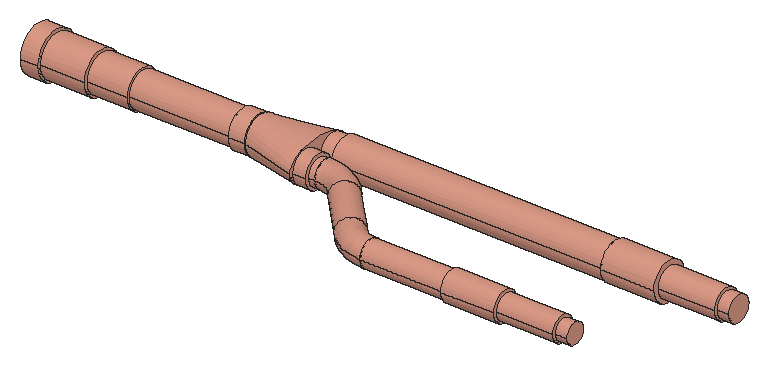
Revit family "outputfile", category 配管付属品, Revit 2024
Family settings
  丸型コネクタ寸法 = 半径を使用
  パーツ タイプ = 標準
  OmniClass 番号 = 23.65.55.00
  OmniClass タイトル = Distribution of Supplied Liquids/Gases
  作業面ベース = いいえ
  常に垂直 = はい
  ロード時にボイドで切り取り = いいえ
  共有 = いいえ
Parameters (values of type "BHRP26A72T")
  Description = ""
  製造元 = "Daikin"
  書き出し IFC クラス(タイプ) = "IfcPipeFittingType"
  Default Elevation = 0.0 mm
  定義済み IFC タイプ(タイプ) = "JUNCTION"
  Cost = 0
  モデル = "BHRP26A72T"
  Type Comments = ""
  Keynote = ""
  Type Image = (empty or 0)
  Assembly Code = ""
  table_StraightPipe [instance] = if(mm⇔inch, "Refnet Joint_BHRP26A-T_Gas_StraightPipe", "Refnet Joint_BHRP26A-T_Gas_StraightPipe_inch")  # "Refnet Joint_BHRP26A-T_Gas_StraightPipe"
  table_BranchPipe [instance] = if(mm⇔inch, "Refnet Joint_BHRP26A-T_Gas_BranchPipe", "Refnet Joint_BHRP26A-T_Gas_BranchPipe_inch")  # "Refnet Joint_BHRP26A-T_Gas_BranchPipe"
  table_Inlet [instance] = if(mm⇔inch, "Refnet Joint_BHRP26A-T_Gas_Inlet", "Refnet Joint_BHRP26A-T_Gas_Inlet_inch")  # "Refnet Joint_BHRP26A-T_Gas_Inlet"
  switch_StraightPipe_Reducer [instance] = if(Is_StraightPipe Reducer = 1, 1 = 1, 1 = 0)  # no
  switch_StraightPipe3 [instance] = if(number_StraightPipe = 3, 1 = 1, 1 = 0)  # yes
  switch_StraightPipe2 [instance] = if(number_StraightPipe < 2, 1 = 0, 1 = 1)  # yes
  switch_BranchPipe_Reducer [instance] = if(Is_BranchPipe Reducer = 1, 1 = 1, 1 = 0)  # no
  switch_BranchPipe3 [instance] = if(number_BranchPipe = 3, 1 = 1, 1 = 0)  # yes
  switch_BranchPipe2 [instance] = if(number_BranchPipe < 2, 1 = 0, 1 = 1)  # yes
  switch_Inlet pipe_Reducer [instance] = if(Is_Inlet Reducer = 1, 1 = 1, 1 = 0)  # no
  switch_Inlet pipe3 [instance] = if(number_InletPipe = 3, 1 = 1, 1 = 0)  # yes
  switch_Inlet pipe2 [instance] = if(number_InletPipe < 2, 1 = 0, 1 = 1)  # yes
  mm⇔inch [instance] = yes
  Uniclass2015Version = "Products v1.31"
  Uniclass2015Title = "Copper pipe fittings"
  Uniclass2015Code = "Pr_65_52_63_18"
  URL = ""
  StraightPipe_Gas_ActualDiameter [instance] = 15.9 mm
  Material_Piping = DAIKIN_Copper_Pipe
  Material_Insulation = DAIKIN_White_Insulation
  lw_Insulation [instance] = size_lookup(table_Inlet, "lw_Insulation", 60.0 mm, モデル)  # 55.5 mm
  Unit Type = "BHRP26A-T_Gas"
  Tag No. [instance] = ""
  StraightPipe_Gas_Status [instance] = size_lookup(table_StraightPipe, "Information", "The connected pipe size is not available.", モデル, StraightPipe_Gas_ActualDiameter)  # "Default connector size is used."
  Link_Nested Family [instance] = ""
  Inlet_Gas_Actual Diameter [instance] = 31.8 mm
  IfcVersion = ""
  IfcExportType = "JUNCTION"
  IfcExportAs = "IfcPipeFittingType"
  BranchPipe_Gas_Status [instance] = size_lookup(table_BranchPipe, "Information", "The connected pipe size is not available.", モデル, BranchPipe_Gas_ActualDiameter)  # "Default connector size is used."
  Inlet_Gas_Status [instance] = size_lookup(table_Inlet, "Information", "The connected pipe size is not available.", モデル, Inlet_Gas_Actual Diameter)  # "Default connector size is used."
  Series = "Refnet Joint"
  O.R_dividePipe_Inlet [instance] = (I.D_InletPipe1 + 2.0 mm) / 2  # 13.7 mm
  r_StraightPipe_Connector [instance] = StraightPipe_Gas_ActualDiameter / 2  # 7.95 mm
  r_BranchPipe_Connector [instance] = BranchPipe_Gas_ActualDiameter / 2  # 6.35 mm
  r_Inlet_Connector [instance] = Inlet_Gas_Actual Diameter / 2  # 15.9 mm
  number_StraightPipe [instance] = size_lookup(table_StraightPipe, "pipeNumber", 2, モデル, StraightPipe_Gas_ActualDiameter)  # 3
  number_BranchPipe [instance] = size_lookup(table_BranchPipe, "pipeNumber", 2, モデル, BranchPipe_Gas_ActualDiameter)  # 3
  number_InletPipe [instance] = size_lookup(table_Inlet, "pipeNumber", 3, モデル, Inlet_Gas_Actual Diameter)  # 3
  r_BranchPipeR [instance] = size_lookup(table_BranchPipe, "r_offsetPipeR", 25.0 mm, モデル, BranchPipe_Gas_ActualDiameter)  # 30.0 mm
  l_BranchPipe_Straight2 [instance] = size_lookup(table_BranchPipe, "L_offsetPipe2", 43.0 mm, モデル)  # 60.0 mm
  l_BranchPipe_Straight1 [instance] = size_lookup(table_BranchPipe, "L_offsetPipe1", 5.0 mm, モデル)  # 5.0 mm
  l_BranchPipe connector [instance] = size_lookup(table_BranchPipe, "Length", 170.0 mm, モデル, BranchPipe_Gas_ActualDiameter)  # 243.0 mm
  l_inlet connector [instance] = size_lookup(table_Inlet, "Length", 130.0 mm, モデル, Inlet_Gas_Actual Diameter)  # 162.0 mm
  l_dividePipe [instance] = size_lookup(table_Inlet, "L_devidePipe", 38.0 mm, モデル)  # 43.0 mm
  l_StraightPipeReducer [instance] = size_lookup(table_StraightPipe, "L_Reducer", 2.0 mm, モデル, StraightPipe_Gas_ActualDiameter)  # 100.0 mm
  l_StraightPipe3 [instance] = size_lookup(table_StraightPipe, "L_Pipe3", 2.0 mm, モデル)  # 9.0 mm
  l_StraightPipe2 [instance] = size_lookup(table_StraightPipe, "L_Pipe2", 9.0 mm, モデル)  # 42.0 mm
  l_StraightPipe1 [instance] = size_lookup(table_StraightPipe, "L_Pipe1", 41.0 mm, モデル)  # 39.0 mm
  l_StraightPipe0 [instance] = size_lookup(table_StraightPipe, "L_Pipe0", 152.0 mm, モデル)  # 198.0 mm
  l_StraightPipe connector [instance] = size_lookup(table_StraightPipe, "Length", 212.0 mm, モデル, StraightPipe_Gas_ActualDiameter)  # 298.0 mm
  l_BranchPipe Reducer [instance] = size_lookup(table_BranchPipe, "L_Reducer", 2.0 mm, モデル, BranchPipe_Gas_ActualDiameter)  # 100.0 mm
  l_BranchPipe3 [instance] = size_lookup(table_BranchPipe, "L_Pipe3", 2.0 mm, モデル)  # 9.0 mm
  l_BranchPipe2 [instance] = size_lookup(table_BranchPipe, "L_Pipe2", 9.0 mm, モデル)  # 42.0 mm
  l_BranchPipe1 [instance] = size_lookup(table_BranchPipe, "L_Pipe1", 41.0 mm, モデル)  # 39.0 mm
  l_BranchPipe0 [instance] = size_lookup(table_BranchPipe, "L_Pipe0", 110.0 mm, モデル)  # 143.0 mm
  l_InletReducer [instance] = size_lookup(table_Inlet, "L_Reducer", 2.0 mm, モデル, Inlet_Gas_Actual Diameter)  # 100.0 mm
  l_InletPipe3 [instance] = size_lookup(table_Inlet, "L_Pipe3", 8.0 mm, モデル)  # 13.0 mm
  l_InletPipe2 [instance] = size_lookup(table_Inlet, "L_Pipe2", 42.0 mm, モデル)  # 33.0 mm
  l_InletPipe1 [instance] = size_lookup(table_Inlet, "L_Pipe1", 40.0 mm, モデル)  # 30.0 mm
  l_InletPipe0 [instance] = size_lookup(table_Inlet, "L_Pipe0", 28.0 mm, モデル)  # 74.0 mm
  center_StraightPipe [instance] = size_lookup(table_StraightPipe, "center_Pipe", 11.5 mm, モデル)  # 12.5 mm
  center_BranchPipe2 [instance] = size_lookup(table_BranchPipe, "center_OffsetPipe", 67.5 mm, モデル)  # 68.5 mm
  center_BranchPipe1 [instance] = size_lookup(table_BranchPipe, "center_Pipe", 11.5 mm, モデル)  # 12.5 mm
  StraightPipe_Gas_AvailableDiameter [instance] = size_lookup(table_StraightPipe, "sizeVariation", "", モデル)  # "15.9/19.1/22.2/25.4/28.6mm"
  BranchPipe_Gas_AvailableDiameter [instance] = size_lookup(table_BranchPipe, "sizeVariation", "", モデル)  # "12.7/15.9/19.1/22.2/28.6mm"
  Inlet_Gas_Available Diameter [instance] = size_lookup(table_Inlet, "sizeVariation", "", モデル)  # "25.4/28.6/31.8mm"
  O.D_StraightPipe Reducer [instance] = size_lookup(table_StraightPipe, "O.D_reducer", 2.0 mm, モデル, StraightPipe_Gas_ActualDiameter)  # 2.0 mm
  O.D_Offset Outlet Reducer [instance] = size_lookup(table_BranchPipe, "O.D_reducer", 2.0 mm, モデル, BranchPipe_Gas_ActualDiameter)  # 2.0 mm
  O.D_Inlet Reducer [instance] = size_lookup(table_Inlet, "O.D_reducer", 2.0 mm, モデル, Inlet_Gas_Actual Diameter)  # 2.0 mm
  Is_StraightPipe Reducer [instance] = size_lookup(table_StraightPipe, "IsReducer", 0, モデル, StraightPipe_Gas_ActualDiameter)  # 0
  Is_BranchPipe Reducer [instance] = size_lookup(table_BranchPipe, "IsReducer", 0, モデル, BranchPipe_Gas_ActualDiameter)  # 0
  Is_Inlet Reducer [instance] = size_lookup(table_Inlet, "IsReducer", 0, モデル, Inlet_Gas_Actual Diameter)  # 0
  BranchPipe_Gas_ActualDiameter [instance] = 12.7 mm
  Attach_Insulation [instance] = no
  I.D_StraightPipe3 [instance] = size_lookup(table_StraightPipe, "I.D_PipeSize3", 12.7 mm, モデル)  # 15.9 mm
  I.D_StraightPipe2 [instance] = size_lookup(table_StraightPipe, "I.D_PipeSize2", 12.7 mm, モデル)  # 19.1 mm
  I.D_StraightPipe1 [instance] = size_lookup(table_StraightPipe, "I.D_PipeSize1", 15.9 mm, モデル)  # 25.4 mm
  I.D_StraightPipe0 [instance] = size_lookup(table_StraightPipe, "I.D_PipeSize0", 13.9 mm, モデル)  # 23.4 mm
  I.D_BranchPipe3 [instance] = size_lookup(table_BranchPipe, "I.D_PipeSize3", 12.7 mm, モデル)  # 12.7 mm
  I.D_BranchPipe2 [instance] = size_lookup(table_BranchPipe, "I.D_PipeSize2", 12.7 mm, モデル)  # 15.9 mm
  I.D_BranchPipe1 [instance] = size_lookup(table_BranchPipe, "I.D_PipeSize1", 15.9 mm, モデル)  # 19.1 mm
  I.D_BranchPipe0 [instance] = size_lookup(table_BranchPipe, "I.D_PipeSize0", 13.9 mm, モデル)  # 17.1 mm
  I.D_Straight Reducer [instance] = size_lookup(table_StraightPipe, "I.D_reducer", 2.0 mm, モデル, StraightPipe_Gas_ActualDiameter)  # 2.0 mm
  I.D_OutletPipe [instance] = size_lookup(table_Inlet, "I.D_OutletPipeSize", 16.0 mm, モデル, Inlet_Gas_Actual Diameter)  # 21.2 mm
  I.D_Branch Reducer [instance] = size_lookup(table_BranchPipe, "I.D_reducer", 2.0 mm, モデル, BranchPipe_Gas_ActualDiameter)  # 2.0 mm
  I.D_Inlet Reducer [instance] = size_lookup(table_Inlet, "I.D_reducer", 2.0 mm, モデル, Inlet_Gas_Actual Diameter)  # 2.0 mm
  I.D_InletPipe3 [instance] = size_lookup(table_Inlet, "I.D_PipeSize3", 12.7 mm, モデル)  # 31.8 mm
  I.D_InletPipe2 [instance] = size_lookup(table_Inlet, "I.D_PipeSize2", 15.9 mm, モデル)  # 28.6 mm
  I.D_InletPipe1 [instance] = size_lookup(table_Inlet, "I.D_PipeSize1", 19.1 mm, モデル)  # 25.4 mm
  I.D_InletPipe0 [instance] = size_lookup(table_Inlet, "I.D_PipeSize0", 17.1 mm, モデル)  # 23.4 mm
Reference planes
  plane 1 "Center (Front/Back)": y = 0
  plane 2: z = 0
  plane 3 "base_left": x = 0
  plane 4: x = 13
  plane 5: x = 46
  plane 6: x = 76
  plane 7: x = 150
  plane 8: x = 162
  plane 9: x = 205
  plane 10: x = 215
  plane 11 "center_straight outlet": y = 12.5
  plane 12 "center2_offset outlet": y = -68.5
  plane 13 "center1_offset outlet": y = -12.5
  plane 14: x = 413
  plane 15: x = 452
  plane 16: x = 494
  plane 17: x = 358
  plane 18: x = 397
  plane 19: x = 439
  plane 20: x = 503
  plane 21: x = 448
  plane 22 "Reducer_straightoutlet": x = 448
  plane 23: x = 503
  plane 24: y = -26.2
  plane 25: z = 13.7
  plane 26 "Inlet_connector": x = 0
  plane 27 "Left_Insulation": x = 106.5
Forms (mm)
  SweptBlend 1, solid, material "DAIKIN_Copper_Pipe" <- "Material_Piping"
    path origin (0, 0, 0) x (1, 0, 0) y (0, 1, 0)
      loop
        line (162, 0) -> (205, 0)
    profile origin (162, 0, 0) x (0, 1, 0) y (0, 0, 1)
      loop
        circle (0, 0) r 13.7
    end profile origin (205, 0, 0) x (0, 1, 0) y (0, 0, 1)
      loop
        spline (-26.2, 0) -> (-25.307, -3.546) -> (-22.69, -6.85) -> (-18.526, -9.687) -> (-13.1, -11.865) -> (-6.781, -13.233) -> (0, -13.7) -> (6.781, -13.233) -> (13.1, -11.865) -> (18.526, -9.687) -> (22.69, -6.85) -> (25.307, -3.546) -> (26.2, 0)
        spline (26.2, 0) -> (25.307, 3.546) -> (22.69, 6.85) -> (18.526, 9.687) -> (13.1, 11.865) -> (6.781, 13.233) -> (0, 13.7) -> (-6.781, 13.233) -> (-13.1, 11.865) -> (-18.526, 9.687) -> (-22.69, 6.85) -> (-25.307, 3.546) -> (-26.2, 0)
Dimensions and locks
  "l_InletPipe3": plane 3 "base_left" to plane 4
  "l_InletPipe2": plane 4 to plane 5
  "l_InletPipe1": plane 5 to plane 6
  "l_InletPipe0": plane 6 to plane 7
  locked: plane 7 to plane 8 at 12
  "center_StraightPipe": plane 1 "Center (Front/Back)" to plane 11 "center_straight outlet"
  "center_BranchPipe2": plane 12 "center2_offset outlet" to plane 1 "Center (Front/Back)"
  "center_BranchPipe1": plane 13 "center1_offset outlet" to plane 1 "Center (Front/Back)"
  "l_dividePipe": plane 8 to plane 9
  plane 9 to plane 10 = 10.0 mm
  "l_StraightPipe0": plane 10 to plane 14
  "l_BranchPipe0": plane 10 to plane 17
  "l_BranchPipe1": plane 17 to plane 18
  "l_BranchPipe2": plane 18 to plane 19
  "l_StraightPipe1": plane 14 to plane 15
  "l_StraightPipe2": plane 15 to plane 16
  "l_StraightPipe3": plane 16 to plane 20
  "l_BranchPipe3": plane 19 to plane 21
  "l_BranchPipe connector": plane 9 to plane 22 "Reducer_straightoutlet"
  "l_StraightPipe connector": plane 9 to plane 23
  "O.R_dividePipe_Inlet": plane 24 to plane 13 "center1_offset outlet"
  "O.R_dividePipe_Inlet": plane 25 to plane 2
  "l_inlet connector": plane 26 "Inlet_connector" to plane 8
  "lw_Insulation": plane 27 "Left_Insulation" to plane 8
  "O.R_dividePipe_Inlet": radius of SweptBlend 1 sketch curve
  aligned and locked: level to plane 2
  aligned and locked: plane 2 to nested 1
  aligned and locked: plane 3 "base_left" to nested 1
  aligned and locked: plane 1 "Center (Front/Back)" to nested 1
  aligned and locked: plane 4 to nested 2
  aligned and locked: plane 1 "Center (Front/Back)" to nested 2
  aligned and locked: plane 5 to nested 2
  aligned and locked: plane 5 to nested 3
  aligned and locked: plane 6 to nested 3
  aligned and locked: plane 6 to nested 4
  aligned and locked: nested 4 to plane 7
  aligned and locked: nested 5 to plane 7
  aligned and locked: nested 5 to plane 8
  aligned and locked: plane 8 to SweptBlend 1 sketch curve
  aligned and locked: plane 9 to SweptBlend 1 sketch curve
  aligned and locked: plane 2 to SweptBlend 1 sketch curve  (x2)
  aligned and locked: plane 1 "Center (Front/Back)" to SweptBlend 1 sketch curve  (x2)
  aligned and locked: nested 6 to plane 9
  aligned and locked: nested 7 to plane 9
  aligned and locked: nested 6 to plane 11 "center_straight outlet"
  aligned and locked: nested 7 to plane 13 "center1_offset outlet"
  aligned and locked: nested 7 to plane 10
  aligned and locked: nested 6 to plane 10
  aligned and locked: nested 8 to plane 10
  aligned and locked: plane 14 to nested 8
  aligned and locked: nested 8 to plane 11 "center_straight outlet"
  aligned and locked: plane 14 to nested 9
  aligned and locked: nested 9 to plane 11 "center_straight outlet"
  aligned and locked: plane 15 to nested 9
  aligned and locked: nested 10 to plane 11 "center_straight outlet"
  aligned and locked: plane 15 to nested 10
  aligned and locked: plane 16 to nested 10
  aligned and locked: nested 11 to plane 12 "center2_offset outlet"
  aligned and locked: plane 17 to nested 11
  aligned and locked: plane 18 to nested 11
  aligned and locked: nested 12 to plane 12 "center2_offset outlet"
  aligned and locked: plane 18 to nested 12
  aligned and locked: plane 19 to nested 12
  aligned and locked: nested 13 to plane 10
  aligned and locked: nested 13 to plane 13 "center1_offset outlet"
  aligned and locked: nested 13 to plane 12 "center2_offset outlet"
  aligned and locked: plane 8 to nested 14
  aligned and locked: plane 1 "Center (Front/Back)" to nested 14
  aligned and locked: plane 11 "center_straight outlet" to nested 15
  aligned and locked: nested 15 to plane 9
  aligned and locked: nested 16 to plane 9
  aligned and locked: plane 12 "center2_offset outlet" to nested 16
  aligned and locked: nested 17 to plane 1 "Center (Front/Back)"
  aligned and locked: plane 16 to nested 18
  aligned and locked: plane 20 to nested 18
  aligned and locked: plane 19 to nested 19
  aligned and locked: plane 21 to nested 19
  aligned and locked: nested 20 to plane 12 "center2_offset outlet"
  aligned and locked: plane 23 to nested 21
  aligned and locked: nested 21 to plane 11 "center_straight outlet"
  aligned and locked: plane 4 to nested 1
  aligned and locked: plane 24 to SweptBlend 1 sketch curve
  aligned and locked: plane 25 to SweptBlend 1 sketch curve
  aligned and locked: nested 19 to plane 12 "center2_offset outlet"
  aligned and locked: nested 18 to plane 11 "center_straight outlet"
  aligned and locked: nested 17 to plane 26 "Inlet_connector"
  aligned and locked: plane 22 "Reducer_straightoutlet" to nested 20
  aligned and locked: plane 27 "Left_Insulation" to nested 22
  aligned and locked: plane 1 "Center (Front/Back)" to nested 22
Automatic sketch dimensions
  plane 1 "Center (Front/Back)" to SweptBlend 1 sketch curve = 0.0 mm
Nested families
  nested 1: "daikin_Pipe" at (6.5, 0, 0), I.D_Pipe <- "I.D_InletPipe3", display <- "switch_Inlet pipe3", type "*"
    with length_Pipe 13.0 mm, display yes, O.D_Pipe 33.8 mm, I.D_Pipe 31.8 mm
  nested 2: "daikin_Pipe" at (29.5, 0, 0), I.D_Pipe <- "I.D_InletPipe2", display <- "switch_Inlet pipe2", type "*"
    with length_Pipe 33.0 mm, display yes, O.D_Pipe 30.6 mm, I.D_Pipe 28.6 mm
  nested 3: "daikin_Pipe" at (61, 0, 0), I.D_Pipe <- "I.D_InletPipe1", type "*"
    with length_Pipe 30.0 mm, display yes, O.D_Pipe 27.4 mm, I.D_Pipe 25.4 mm
  nested 4: "daikin_Pipe" at (113, 0, 0), I.D_Pipe <- "I.D_InletPipe0", type "*"
    with length_Pipe 74.0 mm, display yes, O.D_Pipe 25.4 mm, I.D_Pipe 23.4 mm
  nested 5: "daikin_Pipe" at (156, 0, 0), I.D_Pipe <- "I.D_InletPipe1", type "*"
    with length_Pipe 12.0 mm, display yes, O.D_Pipe 27.4 mm, I.D_Pipe 25.4 mm
  nested 6: "daikin_Pipe" at (210, 12.5, 0), I.D_Pipe <- "I.D_OutletPipe", type "*"
    with length_Pipe 10.0 mm, display yes, O.D_Pipe 23.2 mm, I.D_Pipe 21.2 mm
  nested 7: "daikin_Pipe" at (210, -12.5, 0), I.D_Pipe <- "I.D_OutletPipe", type "*"
    with length_Pipe 10.0 mm, display yes, O.D_Pipe 23.2 mm, I.D_Pipe 21.2 mm
  nested 8: "daikin_Pipe" at (314, 12.5, 0), I.D_Pipe <- "I.D_StraightPipe0", type "*"
    with length_Pipe 198.0 mm, display yes, O.D_Pipe 25.4 mm, I.D_Pipe 23.4 mm
  nested 9: "daikin_Pipe" at (432.5, 12.5, 0), I.D_Pipe <- "I.D_StraightPipe1", type "*"
    with length_Pipe 39.0 mm, display yes, O.D_Pipe 27.4 mm, I.D_Pipe 25.4 mm
  nested 10: "daikin_Pipe" at (473, 12.5, 0), I.D_Pipe <- "I.D_StraightPipe2", display <- "switch_StraightPipe2", type "*"
    with length_Pipe 42.0 mm, display yes, O.D_Pipe 21.1 mm, I.D_Pipe 19.1 mm
  nested 11: "daikin_Pipe" at (377.5, -68.5, 0), I.D_Pipe <- "I.D_BranchPipe1", type "*"
    with length_Pipe 39.0 mm, display yes, O.D_Pipe 21.1 mm, I.D_Pipe 19.1 mm
  nested 12: "daikin_Pipe" at (418, -68.5, 0), I.D_Pipe <- "I.D_BranchPipe2", display <- "switch_BranchPipe2", type "*"
    with length_Pipe 42.0 mm, display yes, O.D_Pipe 17.9 mm, I.D_Pipe 15.9 mm
  nested 13: "daikin_Pipe Ofsset" at (215, -12.5, 0), I.D_Pipe size <- "I.D_BranchPipe0", length_straight pipe1 <- "l_BranchPipe_Straight1", length_straight pipe2 <- "l_BranchPipe_Straight2", r_Pipe R <- "r_BranchPipeR", length_Pipe <- "l_BranchPipe0", type "*"
    with r_Pipe R 30.0 mm, length_straight pipe2 60.0 mm, length_straight pipe1 5.0 mm, length_offset center 56.0 mm, length_Pipe 143.0 mm, O.D_Pipe size 19.1 mm, I.D_Pipe size 17.1 mm
  nested 14: "daikin_connector_rotate2" at (162, 0, 0) x (0, -1, 0) z (0, 0, 1), length <- "l_inlet connector", type "daikin_connector_rotate2"
    with radius 5.0 mm, length 162.0 mm, angle_vertical 90.00°, locaton_mark no
  nested 15: "daikin_connector_rotate2" at (205, 12.5, 0) x (0, 1, 0) z (0, 0, 1), length <- "l_StraightPipe connector", type "daikin_connector_rotate2"
    with radius 5.0 mm, length 298.0 mm, angle_vertical 90.00°, locaton_mark no
  nested 16: "daikin_connector_rotate2" at (205, -68.5, 0) x (0, 1, 0) z (0, 0, 1), length <- "l_BranchPipe connector", type "daikin_connector_rotate2"
    with radius 5.0 mm, length 243.0 mm, angle_vertical 90.00°, locaton_mark no
  nested 17: "daikin_Pipe_reducer" at (50, 0, 0) x (-1, 0, 0) z (0, 0, 1), display <- "switch_Inlet pipe_Reducer", length_Pipe <- "l_InletReducer", I.D_Pipe1 <- "I.D_Inlet Reducer", O.D_Pipe2 <- "O.D_Inlet Reducer", type "*"
    with length_Pipe 100.0 mm, display no, O.D_Pipe2 2.0 mm, O.D_Pipe1 4.0 mm, I.D_Pipe2 0.0 mm, I.D_Pipe1 2.0 mm
  nested 18: "daikin_Pipe" at (498.5, 12.5, 0), I.D_Pipe <- "I.D_StraightPipe3", display <- "switch_StraightPipe3", type "*"
    with length_Pipe 9.0 mm, display yes, O.D_Pipe 17.9 mm, I.D_Pipe 15.9 mm
  nested 19: "daikin_Pipe" at (443.5, -68.5, 0), I.D_Pipe <- "I.D_BranchPipe3", display <- "switch_BranchPipe3", type "*"
    with length_Pipe 9.0 mm, display yes, O.D_Pipe 14.7 mm, I.D_Pipe 12.7 mm
  nested 20: "daikin_Pipe_reducer" at (398, -68.5, 0), I.D_Pipe1 <- "I.D_Branch Reducer", O.D_Pipe2 <- "O.D_Offset Outlet Reducer", length_Pipe <- "l_BranchPipe Reducer", display <- "switch_BranchPipe_Reducer", type "*"
    with length_Pipe 100.0 mm, display no, O.D_Pipe2 2.0 mm, O.D_Pipe1 4.0 mm, I.D_Pipe2 0.0 mm, I.D_Pipe1 2.0 mm
  nested 21: "daikin_Pipe_reducer" at (453, 12.5, 0), I.D_Pipe1 <- "I.D_Straight Reducer", O.D_Pipe2 <- "O.D_StraightPipe Reducer", length_Pipe <- "l_StraightPipeReducer", display <- "switch_StraightPipe_Reducer", type "*"
    with length_Pipe 100.0 mm, display no, O.D_Pipe2 2.0 mm, O.D_Pipe1 4.0 mm, I.D_Pipe2 0.0 mm, I.D_Pipe1 2.0 mm
  nested 22: "daikin_Insulation_RefnetJoint" at (106.5, 0, 0), I.D_Outlet PipeSize <- "I.D_OutletPipe", type "*"
    with h 53.2 mm, I.D_Outlet PipeSize 21.2 mm, w_Insulation4 60.3 mm, w_Insulation3 41.3 mm, w_Insulation2 72.0 mm, w_Insulation1 20.0 mm, d_Insulation3 138.0 mm, d_Insulation2 87.0 mm, d_Insulation1 60.0 mm
Connectors
  piping at (0, 0, 0), diameter 31.8, driven by "r_Inlet_Connector"
    settings: on nested 14, index 1, connector inside diameter 609.6 mm, connector length 0.0 mm, flow factor 0, pipe flow 0.00 m³/h, pressure drop 0.0 Pa, fitting loss kfactor 0, connector angle 0.00°, fixture units 0, engagement length 0.0 mm, angle of deflection 0.00°, flow configuration 0, flow direction 2, fitting loss method 0, system type 29, joint type 0, gender type 0, connector reference index -1, connector utility 0, adjustable connector no, is connector primary yes, connector description "Refnet Joint_Inlet_Gas"
  piping at (448, -68.5, 0), diameter 12.7, driven by "r_BranchPipe_Connector"
    settings: on nested 16, index 2, connector inside diameter 609.6 mm, connector length 0.0 mm, flow factor 0, pipe flow 0.00 m³/h, pressure drop 0.0 Pa, fitting loss kfactor 0, connector angle 0.00°, fixture units 0, engagement length 0.0 mm, angle of deflection 0.00°, flow configuration 0, flow direction 1, fitting loss method 0, system type 29, joint type 0, gender type 0, connector reference index -1, connector utility 0, adjustable connector no, is connector primary no, connector description "Refnet Joint_Outlet Branch_Gas"
  piping at (503, 12.5, 0), diameter 15.9, driven by "r_StraightPipe_Connector"
    settings: on nested 15, index 3, connector inside diameter 609.6 mm, connector length 0.0 mm, flow factor 0, pipe flow 0.00 m³/h, pressure drop 0.0 Pa, fitting loss kfactor 0, connector angle 0.00°, fixture units 0, engagement length 0.0 mm, angle of deflection 0.00°, flow configuration 0, flow direction 1, fitting loss method 0, system type 29, joint type 0, gender type 0, connector reference index -1, connector utility 0, adjustable connector no, is connector primary no, connector description "Refnet Joint_Outlet Straight_Gas"
Definition of nested family "daikin_Pipe"
  Parameters (values of type "*")
    Default Elevation = 0.0 mm
    material = none
    length_Pipe [instance] = 150.0 mm
    display [instance] = yes
    O.D_Pipe [instance] = I.D_Pipe + 2.0 mm  # 27.0 mm
    I.D_Pipe [instance] = 25.0 mm
  Reference planes
    plane 1 "Center (Front/Back)": y = 0
    plane 2 "center(vertical)": z = 0
    plane 3 "Center (Left/Right)": x = 0
    plane 4 "left": x = -75
    plane 5 "right": x = 75
  Forms (mm)
    Extrusion 1, solid, material <- "material", visible <- "display"
      sketch origin (0, 0, 0) x (0, 1, 0) y (0, 0, 1)
        loop
          circle (0, 0) r 13.5
      from -75 to 75
  Dimensions and locks
    equal spacing: plane 4 "left", plane 3 "Center (Left/Right)", plane 5 "right"
    "length_Pipe": plane 4 "left" to plane 5 "right"
    "O.D_Pipe": diameter of Extrusion 1 sketch curve
    aligned and locked: level to plane 2 "center(vertical)"
    aligned and locked: plane 2 "center(vertical)" to Extrusion 1 sketch curve
    aligned and locked: plane 1 "Center (Front/Back)" to Extrusion 1 sketch curve
    aligned and locked: plane 5 "right" to Extrusion 1
    aligned and locked: Extrusion 1 to plane 4 "left"
Definition of nested family "daikin_Pipe Ofsset"
  Parameters (values of type "*")
    Default Elevation = 0.0 mm
    r_Pipe R [instance] = 40.0 mm
    material = none
    length_straight pipe2 [instance] = 43.0 mm
    length_straight pipe1 [instance] = 5.0 mm
    length_offset center [instance] = 57.0 mm
    length_Pipe [instance] = 110.0 mm
    O.D_Pipe size [instance] = I.D_Pipe size + 2.0 mm  # 12.0 mm
    I.D_Pipe size [instance] = 10.0 mm
  Reference planes
    plane 1 "Center (Front/Back)": y = 0
    plane 2: z = 0
    plane 3 "Center (Left/Right)": x = 0
    plane 4: y = -57
    plane 5: x = 110
    plane 6: x = 67
    plane 7: x = 5
  Forms (mm)
    Sweep 1, solid, material <- "material"
      path origin (0, 0, 0) x (1, 0, 0) y (0, 1, 0)
        loop
          line (0, 0) -> (5, 0)
          arc (5, 0) -> (20.74, -3.227) -> (33.94, -12.387) r 40
          line (33.94, -12.387) -> (38.06, -44.613)
          arc (38.06, -44.613) -> (51.26, -53.773) -> (67, -57) r 40
          line (67, -57) -> (110, -57)
      profile origin (2.5, 0, 0) x (0, 1, 0) y (0, 0, 1)
        loop
          circle (0, 0) r 6
  Dimensions and locks
    "length_offset center": plane 4 to plane 1 "Center (Front/Back)"
    "length_straight pipe1": plane 3 "Center (Left/Right)" to plane 7
    "length_Pipe": plane 3 "Center (Left/Right)" to plane 5
    "length_straight pipe2": plane 6 to plane 5
    "O.D_Pipe size": diameter of Sweep 1 sketch curve
    "r_Pipe R": radius of Sweep 1 sketch curve  (x2)
    aligned and locked: level to plane 2
    aligned and locked: plane 1 "Center (Front/Back)" to Sweep 1 sketch curve
    aligned and locked: profile plane to Sweep 1 sketch curve
    aligned and locked: plane 5 to Sweep 1 sketch curve
    aligned and locked: plane 7 to Sweep 1 sketch curve
    aligned and locked: plane 6 to Sweep 1 sketch curve
  Automatic sketch dimensions
    plane 1 "Center (Front/Back)" to Sweep 1 sketch curve = 0.0 mm
    Sweep 1 sketch curve to plane 3 "Center (Left/Right)" = 0.0 mm
    plane 4 to Sweep 1 sketch curve = 0.0 mm
    plane 1 "Center (Front/Back)" to Sweep 1 sketch curve = 12.387 mm
    Sweep 1 sketch curve to plane 4 = 12.387 mm
Definition of nested family "daikin_connector_rotate2"
  Parameters (values of type "daikin_connector_rotate2")
    show_face = no
    radius [instance] = 10.0 mm
    locaton_mark = yes
    length [instance] = 600.0 mm
    d_surface = 10.0 mm
    angle_vertical [instance] = 90.00°
    Default Elevation = 0.0 mm
  Reference planes
    plane 1 "Center (Front/Back)": y = 0
    plane 2: z = 0
    plane 3 "Center (Left/Right)": x = 0
  Forms (mm)
    Extrusion 1, solid, visible <- "show_face"
      sketch origin (0, -600, 0) x (1, 0, 0) y (0, 0, 1)
        loop
          circle (0, 0) r 10
      from 0 to -10
  Lines and regions (mm)
    reference lines
      curve 1: line (0, 0, 0) -> (0, -600, 0)
    symbolic lines, visible <- "locaton_mark"
      curve 2: circle (0, 0, 0) r 5 normal (0, 0, 1)
    model lines, visible <- "show_face"
      curve 3: line (0, 0, 0) -> (0, -600, 0)
  Dimensions and locks
    "length": curve 1 to curve 1
    "length": curve 3 to curve 3
    "d_surface": Extrusion 1 to Extrusion 1
    "radius": radius of Extrusion 1 sketch curve
    "angle_vertical": angle curve 1 to plane 1 "Center (Front/Back)"
    "angle_vertical": angle curve 3 to plane 1 "Center (Front/Back)"
    aligned and locked: level to plane 2
    aligned and locked: plane 1 "Center (Front/Back)" to curve 1
    aligned and locked: plane 2 to curve 1
    aligned and locked: plane 1 "Center (Front/Back)" to curve 2
    aligned and locked: plane 3 "Center (Left/Right)" to curve 2
    aligned and locked: plane 1 "Center (Front/Back)" to curve 3
    aligned and locked: plane 2 to curve 3
    aligned and locked: Extrusion 1 to Extrusion 1
  Automatic sketch dimensions
    Extrusion 1 sketch curve to level = 0.0 mm
    Extrusion 1 sketch curve to plane 3 "Center (Left/Right)" = 0.0 mm
    radius of curve 2 = 5.0 mm
Definition of nested family "daikin_Pipe_reducer"
  Parameters (values of type "*")
    Default Elevation = 0.0 mm
    material = none
    length_Pipe [instance] = 250.0 mm
    display [instance] = yes
    O.D_Pipe2 [instance] = 19.1 mm
    O.D_Pipe1 [instance] = I.D_Pipe1 + 2.0 mm  # 24.2 mm
    I.D_Pipe2 [instance] = O.D_Pipe2 - 2.0 mm  # 17.1 mm
    I.D_Pipe1 [instance] = 22.2 mm
  Reference planes
    plane 1 "Center (Front/Back)": y = 0
    plane 2 "center(vertical)": z = 0
    plane 3 "Center (Left/Right)": x = 0
    plane 4 "connection": x = -125
    plane 5 "right": x = 113
    plane 6: x = 125
  Forms (mm)
    Extrusion 1, solid, material <- "material", visible <- "display"
      sketch origin (0, 0, 0) x (0, 1, 0) y (0, 0, 1)
        loop
          circle (0, 0) r 9.55
      from -125 to 113
    Extrusion 2, solid, material <- "material", visible <- "display"
      sketch origin (0, 0, 0) x (0, 1, 0) y (0, 0, 1)
        loop
          circle (0, 0) r 12.1
      from 113 to 125
  Dimensions and locks
    locked: plane 5 "right" to plane 6 at 12
    "length_Pipe": plane 4 "connection" to plane 6
    equal spacing: plane 4 "connection", plane 3 "Center (Left/Right)", plane 6
    "O.D_Pipe2": diameter of Extrusion 1 sketch curve
    "O.D_Pipe1": diameter of Extrusion 2 sketch curve
    aligned and locked: level to plane 2 "center(vertical)"
    aligned and locked: plane 2 "center(vertical)" to Extrusion 1 sketch curve
    aligned and locked: plane 1 "Center (Front/Back)" to Extrusion 1 sketch curve
    aligned and locked: plane 5 "right" to Extrusion 1
    aligned and locked: Extrusion 1 to plane 4 "connection"
    aligned and locked: plane 2 "center(vertical)" to Extrusion 2 sketch curve
    aligned and locked: plane 1 "Center (Front/Back)" to Extrusion 2 sketch curve
    aligned and locked: Extrusion 2 to plane 5 "right"
    aligned and locked: plane 6 to Extrusion 2
Definition of nested family "daikin_Insulation_RefnetJoint"
  Parameters (values of type "*")
    Default Elevation = 0.0 mm
    Model = "BHRP26A22T"
    w_Insulation5 = size_lookup(table_Insulation, "w_Insulation5", 212.0 mm, Model)  # 212.0 mm
    w_Insulation4 = size_lookup(table_Insulation, "w_Insulation4", 67.0 mm, Model)  # 67.0 mm
    w_Insulation3 = size_lookup(table_Insulation, "w_Insulation3", 34.7 mm, Model)  # 34.7 mm
    w_Insulation2 = size_lookup(table_Insulation, "w_Insulation2", 80.0 mm, Model)  # 80.0 mm
    w_Insulation1 = size_lookup(table_Insulation, "w_Insulation1", 22.0 mm, Model)  # 22.0 mm
    table_Insulation = "Refnet Joint_BHRP26A-T_Gas_Insulation"  # constant formula
    material = none
    h [instance] = (I.D_Outlet PipeSize + 2.0 mm) + 30.0 mm  # 47.0 mm
    display = no
    d_Insulation3 = size_lookup(table_Insulation, "d_Insulation3", 131.5 mm, Model)  # 131.5 mm
    d_Insulation2 = size_lookup(table_Insulation, "d_Insulation2", 79.0 mm, Model)  # 79.0 mm
    d_Insulation1 = size_lookup(table_Insulation, "d_Insulation1", 56.0 mm, Model)  # 56.0 mm
    I.D_Outlet PipeSize [instance] = 15.0 mm
  Reference planes
    plane 1 "Center (Front/Back)": y = 0
    plane 2: z = 0
    plane 3 "Left": x = 0
    plane 4 "top": z = 23.5
    plane 5 "bottom": z = -23.5
    plane 6: x = 22
    plane 7: x = 80
    plane 8: y = 28
    plane 9: y = -28
    plane 10: y = 39.5
    plane 11: y = -39.5
    plane 12: y = -92
    plane 13: x = 212
    plane 14: y = -26.25
    plane 15: x = 114.7
    plane 16: x = 145
  Forms (mm)
    Extrusion 1, solid, material <- "material", visible <- "display"
      sketch origin (0, 0, 0) x (1, 0, 0) y (0, 1, 0)
        loop
          line (22, 28) -> (0, 28) -> (0, -28) -> (22, -28) -> (80, -39.5) -> (114.7, -39.5) -> (145, -92) -> (212, -92) -> (212, -43.5) -> (202.5, -43.5)
          arc (202.5, -43.5) -> (189, -30) -> (202.5, -16.5) r 13.5
          line (202.5, -16.5) -> (212, -16.5) -> (212, 39.5) -> (80, 39.5) -> (22, 28)
      from -23.5 to 23.5
  Dimensions and locks
    equal spacing: plane 4 "top", plane 2, plane 5 "bottom"
    "h": plane 4 "top" to plane 5 "bottom"
    "w_Insulation1": plane 3 "Left" to plane 6
    "w_Insulation2": plane 3 "Left" to plane 7
    equal spacing: plane 8, plane 1 "Center (Front/Back)", plane 9
    "d_Insulation1": plane 8 to plane 9
    equal spacing: plane 10, plane 1 "Center (Front/Back)", plane 11
    "d_Insulation2": plane 10 to plane 11
    "d_Insulation3": plane 10 to plane 12
    "w_Insulation5": plane 3 "Left" to plane 13
    "w_Insulation3": plane 7 to plane 15
    "w_Insulation4": plane 16 to plane 13
    aligned and locked: level to plane 2
    aligned and locked: Extrusion 1 to plane 5 "bottom"
    aligned and locked: plane 4 "top" to Extrusion 1
    aligned and locked: plane 6 to Extrusion 1  (x2)
    aligned and locked: plane 7 to Extrusion 1  (x2)
    aligned and locked: plane 6 to Extrusion 1 sketch curve
    aligned and locked: plane 11 to Extrusion 1 sketch curve
    aligned and locked: plane 7 to Extrusion 1 sketch curve  (x2)
    aligned and locked: plane 10 to Extrusion 1 sketch curve
    aligned and locked: Extrusion 1 sketch curve to plane 12
    aligned and locked: Extrusion 1 sketch curve to plane 13  (x2)
    aligned and locked: plane 16 to Extrusion 1 sketch curve
    aligned and locked: plane 15 to Extrusion 1 sketch curve
  Automatic sketch dimensions
    Extrusion 1 sketch curve to plane 3 "Left" = 0.0 mm
    Extrusion 1 sketch curve to plane 6 = 0.0 mm
    Extrusion 1 sketch curve to plane 9 = 0.0 mm
    Extrusion 1 sketch curve to plane 8 = 0.0 mm
    Extrusion 1 sketch curve to plane 11 = 4.0 mm
    Extrusion 1 sketch curve to plane 13 = 9.5 mm
    Extrusion 1 sketch curve to plane 9 = 2.0 mm
